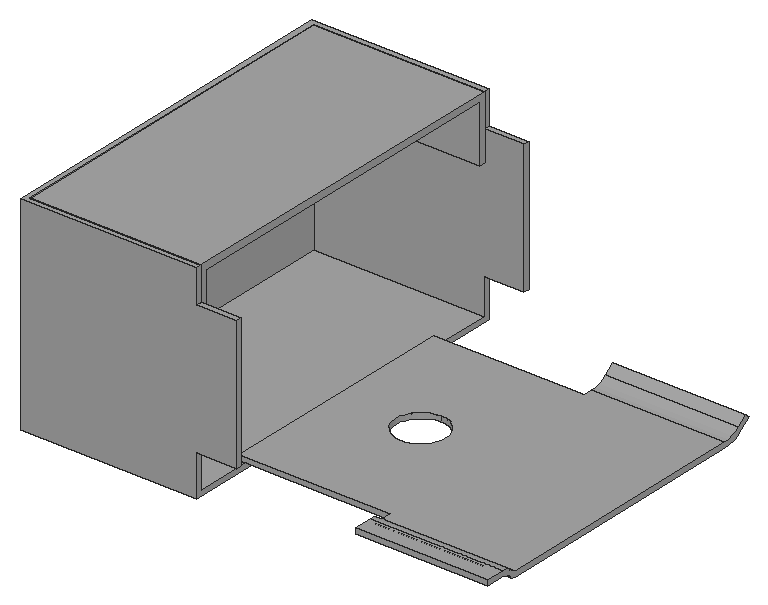
Revit family "Specialty_Equipment-Metal_Raceway-Hubbell_Wiring-Entrance_End_Fitting-HBL3010AE", category Specialty Equipment, host Face, Revit 2015
Parameters (values of type "HBL3010AEGY")
  URL = "http://www.hubbell-wiring.com/"
  Product data url = "https://bimobject.com/hubbellwiring/product/hubbell-metal-raceway-hbl3000"
  Product Page URL = "http://ecatalog.hubbell-wiring.com/ProductInformation/ViewCatalog.aspx?Dest=hubbell-wiring.com/press/catalog/r.pdf"
  Product Documentation Link = "http://www.hubbell-wiring.com/press/pdfs/h5233r08.pdf"
  Model = "HBL3010AEGY"
  Manufacturer = "Hubbell Wiring Device Kellems"  # constant formula
  Host Note = "Add in Section View; Host to Wall"  # constant formula
  Description = "Entrance End Fitting"  # constant formula
  Default Elevation = 48.00"
  Cable Tray Material = Metal-Hubbell-Gray
  B = 3.42"
  Assembly Code = "D5090900"
  A = 2.75"
Types (3): name | Model | Cable Tray Material
  (no name) | "HBL3010AEIV" | Metal-Hubbell-Ivory
  HBL3010AEIV | "HBL3010AEIV" | Metal-Hubbell-Ivory
  HBL3010AEGY | "HBL3010AEGY" | Metal-Hubbell-Gray
Reference planes (in)
  plane 1 "Center (Front/Back)": y = 0
  plane 2: z = 0
  plane 3 "Center (Left/Right)": x = 0
  plane 4: y = 1.375
  plane 5: y = -1.375
  plane 6: y = 1.335
  plane 7: y = -1.335
  plane 8: x = 0.04
  plane 9: x = 1.63
  plane 10: z = 1.51
  plane 11: y = -1.293
  plane 12: y = 1.293
  plane 13: z = 1.077
  plane 14: y = 0.91732
  plane 15: y = -0.91732
  plane 16: x = 1.92
  plane 17: z = 1.56
  plane 18: x = 1.33
  plane 19: x = 1.63
  plane 20: z = 1.31
  plane 21: z = 0.312
  plane 22: z = 0.04
  plane 23: x = 3.42
  plane 24: x = 2.42
  plane 25: x = 1.67
  plane 26: x = 2.17
  plane 27: x = 1.28
Forms (in)
  Extrusion 1, solid, material "Metal-Hubbell-Gray" <- "Cable Tray Material"
    sketch origin (1.33, 0, 0) x (0, 0, 1) y (-1, 0, 0)
      loop
        line (0, 0) -> (0.04, 0) -> (0.04, 1.29) -> (1.56, 1.29) -> (1.56, 1.33) -> (0, 1.33) -> (0, 0)
    from -1.335 to 1.335
  Extrusion 2, solid, material "Metal-Hubbell-Gray" <- "Cable Tray Material"
    sketch origin (1.33, 0, 0) x (0, 0, 1) y (-1, 0, 0)
      loop
        line (1.56, 1.33) -> (0, 1.33) -> (0, 0) -> (0.312, 0) -> (0.312, -0.3) -> (1.31, -0.3) -> (1.31, 0) -> (1.56, 0) -> (1.56, 1.33)
    from -1.375 to -1.335
  Extrusion 3, solid, material "Metal-Hubbell-Gray" <- "Cable Tray Material"
    sketch origin (1.33, 0, 0) x (0, 0, 1) y (1, 0, 0)
      loop
        line (1.56, -1.33) -> (1.56, 0) -> (1.31, 0) -> (1.31, 0.3) -> (0.312, 0.3) -> (0.312, 0) -> (0, 0) -> (0, -1.33) -> (1.56, -1.33)
    from -1.375 to -1.335
  Extrusion 4, solid, material "Metal-Hubbell-Gray" <- "Cable Tray Material"
    sketch origin (1.33, 0, 0) x (0, 0, 1) y (0, 1, 0)
      loop
        line (1.077, 1.293) -> (1.51, 1.293) -> (1.51, -1.293) -> (1.077, -1.293) -> (1.077, -1.335) -> (1.56, -1.335) -> (1.56, 1.335) -> (1.077, 1.335) -> (1.077, 1.293)
    from 0 to 1.29
  Extrusion 5, solid, material "Metal-Hubbell-Gray" <- "Cable Tray Material"
    sketch origin (0, 52.62749, 0.04) x (0, 1, 0) y (-1, 0, 0)
      loop
        line (-53.54482, -3.42) -> (-51.71017, -3.42) -> (-51.71017, -1.28) -> (-53.54482, -1.28) -> (-53.54482, -3.42)
    from 0 to 0.04
  Extrusion 6, solid, material "Metal-Hubbell-Gray" <- "Cable Tray Material"
    sketch origin (1.33, 0, 0) x (0, 0, 1) y (0, 1, 0)
      loop
        line (0.09, -1.24307) -> (0.13, -1.24307) -> (0.13, -1.09711)
        spline (0.13, -1.09711) -> (0.12833, -1.07873) -> (0.12358, -1.06205) -> (0.11669, -1.04782) -> (0.10899, -1.03634) -> (0.10157, -1.02719) -> (0.09513, -1.0198) -> (0.08999, -1.01372) -> (0.08621, -1.00864) -> (0.0836, -1.00419) -> (0.08178, -0.99977) -> (0.08053, -0.99433) -> (0.08, -0.98675)
        line (0.08, -0.98675) -> (0.08, -0.91732) -> (0.04, -0.91732) -> (0.04, -0.98675)
        spline (0.04, -0.98675) -> (0.04098, -1.00034) -> (0.0437, -1.012) -> (0.04781, -1.02207) -> (0.05296, -1.03088) -> (0.05881, -1.03878) -> (0.065, -1.04611) -> (0.07119, -1.05321) -> (0.07704, -1.06041) -> (0.08219, -1.06807) -> (0.0863, -1.07651) -> (0.08902, -1.08607) -> (0.09, -1.09711)
        line (0.09, -1.09711) -> (0.09, -1.24307)
      loop
        line (0.04, 0.98675) -> (0.04, 0.88879) -> (0.08, 0.88879) -> (0.08, 0.98675)
        arc (0.08, 0.98675) -> (0.09206, 1.05515) -> (0.12679, 1.11531) r 0.2
        line (0.12679, 1.11531) -> (0.18258, 1.1818) -> (0.15194, 1.20751) -> (0.09615, 1.14102)
        arc (0.09615, 1.14102) -> (0.05447, 1.06883) -> (0.04, 0.98675) r 0.24
    from -2.09 to -1.09
  Extrusion 7, void, detail levels medium+fine
    sketch origin (1.33, 0, 0) x (0, 1, 0) y (-1, 0, 0)
      loop
        circle (0, -0.59) r 0.19
    from 0.04 to 0.08
Cuts and joins
  Extrusion 7 cuts Extrusion 5
  joined: Extrusion 1, Extrusion 2, Extrusion 3, Extrusion 5, Extrusion 6
Lines and regions (in)
  reference lines
    curve 1: arc (0, 1.14102, 0.09615) -> (0, 1.06883, 0.05447) -> (0, 0.98675, 0.04) r 0.24
    curve 2: line (0, 1.14102, 0.09615) -> (0, 1.32361, 0.24936)
    curve 3: line (0, 1.32361, 0.24936) -> (0, 1.29789, 0.28)
    curve 4: line (0, 1.29789, 0.28) -> (0, 1.11531, 0.12679)
    curve 5: arc (0, 0.98675, 0.08) -> (0, 1.05515, 0.09206) -> (0, 1.11531, 0.12679) r 0.2
    curve 6: line (0, 0.91732, 0.04) -> (0, 0.91732, 0.08)
    curve 7: line (0, 0.91732, 0.08) -> (0, 0.98675, 0.08)
    curve 8: line (0, 1.26838, 0.35058) -> (0, 1.24267, 0.38123)
    curve 9: line (0, 0.97792, 0.06012) -> (0, 1.26838, 0.35058)
    curve 10: line (0, 1.24267, 0.38123) -> (0, 0.95315, 0.09172)
    curve 11: arc (0, 0.97792, 0.06012) -> (0, 0.95324, 0.0452) -> (0, 0.92487, 0.04) r 0.08
    curve 12: arc (0, 0.92487, 0.08) -> (0, 0.94017, 0.08304) -> (0, 0.95315, 0.09172) r 0.04
    curve 13: line (0, 0.88879, 0.08) -> (0, 0.88879, 0.04)
    curve 14: arc (1.92, -0.19, 0) -> (2.11, 0, 0) -> (1.92, 0.19, 0) r 0.19
    curve 15: arc (1.92, 0.19, 0) -> (1.73, 0, 0) -> (1.92, -0.19, 0) r 0.19
    curve 16: line (0, -1.09711, 0.13) -> (0, -1.30811, 0.13)
    curve 17: line (0, -1.30811, 0.13) -> (0, -1.30811, 0.09)
    curve 18: line (0, -1.30811, 0.09) -> (0, -1.09711, 0.09)
    curve 19: line (0, -0.98675, 0.08) -> (0, -0.91732, 0.08)
    curve 20: line (0, -0.98675, 0.04) -> (0, 0.98675, 0.04)
    curve 21: line (0, -0.91732, 0.08) -> (0, -0.91732, 0.04)
    curve 22: line (0, -1.09711, 0.13) -> (0, -0.98675, 0.08)
    curve 23: line (0, -0.98675, 0.04) -> (0, -1.09711, 0.09)
    curve 28: circle (0.66536, 0, 0.69238) r 0.43774 normal (0, -1, 0)
    curve 29: circle (0.66536, 0, 0.69238) r 0.44775 normal (0, 1, 0)
    curve 34: circle (0, 0, 0.69238) r 0.44775 normal (-1, 0, 0)
    curve 35: circle (0, 0, 0.69238) r 0.43774 normal (1, 0, 0)
  model lines, detail levels medium+fine
    curve 24: circle (0.66536, 1.375, 0.69238) r 0.44775 normal (0, 1, 0)
    curve 25: circle (0.66536, 1.375, 0.69238) r 0.43774 normal (0, -1, 0)
    curve 26: circle (0.66536, -1.375, 0.69238) r 0.43774 normal (0, 1, 0)
    curve 27: circle (0.66536, -1.375, 0.69238) r 0.44775 normal (0, -1, 0)
    curve 30: circle (0, 0, 0.69238) r 0.44775 normal (-1, 0, 0)
    curve 31: circle (0, 0, 0.69238) r 0.43774 normal (1, 0, 0)
    curve 32: circle (0.04, 0, 0.69238) r 0.43774 normal (-1, 0, 0)
    curve 33: circle (0.04, 0, 0.69238) r 0.44775 normal (1, 0, 0)
  symbolic lines, style "Symbolic lines"
    curve 36: line (0, 1.375, 1.56) -> (0, -1.375, 1.56)
    curve 37: line (0, 1.375, 0) -> (0, 1.375, 1.56)
    curve 38: line (0, -1.375, 0) -> (0, 1.375, 0)
    curve 39: line (0, -1.375, 1.56) -> (0, -1.375, 0)
    curve 40: line (0, 0, 1.56) -> (0, 0, 0)
    curve 41: line (1.33, 0, 1.56) -> (0, 0, 1.56)
    curve 42: line (1.33, 0, 1.31) -> (1.33, 0, 1.56)
    curve 43: line (1.63, 0, 1.31) -> (1.33, 0, 1.31)
    curve 44: line (1.63, 0, 0.312) -> (1.63, 0, 1.31)
    curve 45: line (1.33, 0, 0.312) -> (1.63, 0, 0.312)
    curve 46: line (0, 0, 0) -> (1.33, 0, 0)
    curve 47: line (1.33, 0, 0) -> (1.33, 0, 0.312)
    curve 48: line (1.33, 0, 0.04) -> (3.42, 0, 0.04)
    curve 49: line (3.42, 0, 0.04) -> (3.42, 0, 0.18258)
    curve 50: line (3.42, 0, 0.18258) -> (2.42, 0, 0.18258)
    curve 51: line (2.42, 0, 0.18258) -> (2.42, 0, 0.08)
    curve 52: line (2.42, 0, 0.08) -> (2.17, 0, 0.08)
    curve 53: line (2.17, 0, 0.08) -> (2.17, 0, 0.2575)
    curve 54: line (2.17, 0, 0.2575) -> (1.67, 0, 0.2575)
    curve 55: line (1.67, 0, 0.2575) -> (1.67, 0, 0.08)
    curve 56: line (1.67, 0, 0.08) -> (1.33, 0, 0.08)
    curve 57: line (0, 1.375, 0) -> (1.33, 1.375, 0)
    curve 58: line (0, -1.375, 0) -> (0, 1.375, 0)
    curve 59: line (1.33, -1.375, 0) -> (0, -1.375, 0)
    curve 60: line (1.33, 1.375, 0) -> (1.33, -1.375, 0)
    curve 61: line (2.42, 0.91732, 0) -> (2.17, 0.91732, 0)
    curve 62: line (1.67, 1.14465, 0) -> (1.67, 0.91732, 0)
    curve 63: line (2.17, 0.91732, 0) -> (2.17, 1.14465, 0)
    curve 64: line (2.17, 1.14465, 0) -> (1.67, 1.14465, 0)
    curve 65: line (2.42, 1.20751, 0) -> (2.42, 0.91732, 0)
    curve 66: line (3.42, 1.20751, 0) -> (2.42, 1.20751, 0)
    curve 67: line (3.42, -1.24307, 0) -> (3.42, 1.20751, 0)
    curve 68: line (2.42, -1.24307, 0) -> (3.42, -1.24307, 0)
    curve 69: line (1.33, -0.91732, 0) -> (2.42, -0.91732, 0)
    curve 70: line (2.42, -0.91732, 0) -> (2.42, -1.24307, 0)
    curve 71: line (1.67, 0.91732, 0) -> (1.33, 0.91732, 0)
Dimensions and locks (in)
  "A": plane 4 to plane 5
  locked: plane 5 to plane 7 at 0.04
  locked: plane 4 to plane 6 at 0.04
  locked: plane 8 to plane 3 "Center (Left/Right)" at 0.04
  plane 17 to plane 2 = 1.56"
  equal spacing: plane 4, plane 1 "Center (Front/Back)", plane 5
  locked: plane 22 to plane 2 at 0.04
  locked: plane 18 to plane 3 "Center (Left/Right)" at 1.33
  locked: plane 19 to plane 3 "Center (Left/Right)" at 1.63
  locked: plane 17 to plane 20 at 0.25
  locked: plane 21 to plane 2 at 0.312
  locked: plane 23 to plane 3 "Center (Left/Right)" at 3.42
  locked: plane 24 to plane 23 at 1
  locked: plane 25 to plane 3 "Center (Left/Right)" at 1.67
  locked: plane 25 to plane 26 at 0.5
  locked: plane 17 to plane 13 at 0.483
  locked: plane 4 to plane 14 at 0.45768
  locked: plane 5 to plane 15 at 0.45768
  locked: plane 27 to plane 18 at 0.05
  "B": plane 3 "Center (Left/Right)" to plane 23
  aligned and locked: plane 2 to host face
  aligned and locked: level to host face
  aligned and locked: Extrusion 3 sketch curve to plane 3 "Center (Left/Right)"
  aligned and locked: Extrusion 3 sketch curve to plane 17
  aligned and locked: plane 18 to Extrusion 3 sketch curve
  aligned and locked: Extrusion 3 sketch curve to plane 9
  aligned and locked: Extrusion 3 sketch curve to plane 18
  aligned and locked: Extrusion 3 sketch curve to plane 2
  aligned and locked: Extrusion 2 sketch curve to plane 17
  aligned and locked: plane 18 to Extrusion 2 sketch curve
  aligned and locked: Extrusion 2 sketch curve to plane 18
  aligned and locked: Extrusion 2 sketch curve to plane 2
  aligned and locked: Extrusion 2 sketch curve to plane 3 "Center (Left/Right)"
  aligned and locked: plane 17 to Extrusion 1 sketch curve
  aligned and locked: Extrusion 1 sketch curve to plane 8
  aligned and locked: Extrusion 1 sketch curve to plane 3 "Center (Left/Right)"
  aligned and locked: plane 2 to Extrusion 1 sketch curve
  aligned and locked: Extrusion 1 sketch curve to plane 18
  aligned and locked: Extrusion 1 sketch curve to plane 22
  aligned and locked: plane 24 to Extrusion 6
  aligned and locked: Extrusion 6 to plane 23
  aligned and locked: Extrusion 4 sketch curve to plane 10
  aligned and locked: Extrusion 4 sketch curve to plane 6
  aligned and locked: Extrusion 4 sketch curve to plane 12
  aligned and locked: plane 13 to Extrusion 4 sketch curve  (x2)
  aligned and locked: plane 11 to Extrusion 4 sketch curve
  aligned and locked: plane 7 to Extrusion 4 sketch curve
  aligned and locked: plane 17 to Extrusion 4 sketch curve
  aligned and locked: Extrusion 3 sketch curve to plane 21
  aligned and locked: Extrusion 3 sketch curve to plane 20
  aligned and locked: Extrusion 2 sketch curve to plane 20
  aligned and locked: Extrusion 2 sketch curve to plane 21
  aligned and locked: Extrusion 2 sketch curve to plane 19
  aligned and locked: Extrusion 5 sketch curve to plane 14
  aligned and locked: Extrusion 5 sketch curve to plane 15
  aligned and locked: Extrusion 5 sketch curve to plane 23
  aligned and locked: Extrusion 5 sketch curve to plane 27
  aligned and locked: Extrusion 5 to Extrusion 7
  aligned and locked: Extrusion 7 to Extrusion 1
  aligned and locked: curve 1 to cut or joined group of Extrusion 1, Extrusion 2, Extrusion 3, Extrusion 5, Extrusion 6, Extrusion 7
  aligned and locked: curve 2 to cut or joined group of Extrusion 1, Extrusion 2, Extrusion 3, Extrusion 5, Extrusion 6, Extrusion 7
  aligned and locked: curve 4 to cut or joined group of Extrusion 1, Extrusion 2, Extrusion 3, Extrusion 5, Extrusion 6, Extrusion 7
  aligned and locked: curve 5 to cut or joined group of Extrusion 1, Extrusion 2, Extrusion 3, Extrusion 5, Extrusion 6, Extrusion 7
  aligned and locked: curve 6 to cut or joined group of Extrusion 1, Extrusion 2, Extrusion 3, Extrusion 5, Extrusion 6, Extrusion 7
  aligned and locked: curve 7 to cut or joined group of Extrusion 1, Extrusion 2, Extrusion 3, Extrusion 5, Extrusion 6, Extrusion 7
  aligned and locked: Extrusion 6 to Extrusion 5
  aligned and locked: Extrusion 6 to curve 13
  aligned and locked: curve 14 to cut or joined group of Extrusion 1, Extrusion 2, Extrusion 3, Extrusion 5, Extrusion 6, Extrusion 7
  aligned and locked: curve 15 to cut or joined group of Extrusion 1, Extrusion 2, Extrusion 3, Extrusion 5, Extrusion 6, Extrusion 7
  aligned and locked: curve 16 to cut or joined group of Extrusion 1, Extrusion 2, Extrusion 3, Extrusion 5, Extrusion 6, Extrusion 7
  aligned and locked: curve 18 to cut or joined group of Extrusion 1, Extrusion 2, Extrusion 3, Extrusion 5, Extrusion 6, Extrusion 7
  aligned and locked: curve 19 to cut or joined group of Extrusion 1, Extrusion 2, Extrusion 3, Extrusion 5, Extrusion 6, Extrusion 7
  aligned and locked: curve 20 to cut or joined group of Extrusion 1, Extrusion 2, Extrusion 3, Extrusion 5, Extrusion 6, Extrusion 7
  aligned and locked: curve 21 to cut or joined group of Extrusion 1, Extrusion 2, Extrusion 3, Extrusion 5, Extrusion 6, Extrusion 7
  aligned and locked: cut or joined group of Extrusion 1, Extrusion 2, Extrusion 3, Extrusion 5, Extrusion 6, Extrusion 7 to cut or joined group of Extrusion 1, Extrusion 2, Extrusion 3, Extrusion 5, Extrusion 6, Extrusion 7  (x2)
  aligned and locked: curve 28 to curve 25
  aligned and locked: curve 29 to curve 24
  aligned and locked: curve 26 to curve 28
  aligned and locked: curve 27 to curve 29
  aligned and locked: curve 34 to curve 30
  aligned and locked: curve 35 to curve 31
  aligned and locked: curve 32 to curve 35
  aligned and locked: curve 33 to curve 34
  aligned and locked: curve 36 to cut or joined group of Extrusion 1, Extrusion 2, Extrusion 3, Extrusion 5, Extrusion 6, Extrusion 7
  aligned and locked: curve 37 to cut or joined group of Extrusion 1, Extrusion 2, Extrusion 3, Extrusion 5, Extrusion 6, Extrusion 7
  aligned and locked: curve 38 to cut or joined group of Extrusion 1, Extrusion 2, Extrusion 3, Extrusion 5, Extrusion 6, Extrusion 7
  aligned and locked: curve 39 to cut or joined group of Extrusion 1, Extrusion 2, Extrusion 3, Extrusion 5, Extrusion 6, Extrusion 7
  aligned and locked: curve 40 to cut or joined group of Extrusion 1, Extrusion 2, Extrusion 3, Extrusion 5, Extrusion 6, Extrusion 7
  aligned and locked: curve 41 to cut or joined group of Extrusion 1, Extrusion 2, Extrusion 3, Extrusion 5, Extrusion 6, Extrusion 7
  aligned and locked: curve 42 to cut or joined group of Extrusion 1, Extrusion 2, Extrusion 3, Extrusion 5, Extrusion 6, Extrusion 7
  aligned and locked: curve 43 to cut or joined group of Extrusion 1, Extrusion 2, Extrusion 3, Extrusion 5, Extrusion 6, Extrusion 7
  aligned and locked: curve 44 to cut or joined group of Extrusion 1, Extrusion 2, Extrusion 3, Extrusion 5, Extrusion 6, Extrusion 7
  aligned and locked: curve 45 to cut or joined group of Extrusion 1, Extrusion 2, Extrusion 3, Extrusion 5, Extrusion 6, Extrusion 7
  aligned and locked: curve 46 to cut or joined group of Extrusion 1, Extrusion 2, Extrusion 3, Extrusion 5, Extrusion 6, Extrusion 7
  aligned and locked: curve 47 to cut or joined group of Extrusion 1, Extrusion 2, Extrusion 3, Extrusion 5, Extrusion 6, Extrusion 7
  aligned and locked: curve 48 to plane 22
  aligned and locked: curve 49 to cut or joined group of Extrusion 1, Extrusion 2, Extrusion 3, Extrusion 5, Extrusion 6, Extrusion 7
  aligned and locked: cut or joined group of Extrusion 1, Extrusion 2, Extrusion 3, Extrusion 5, Extrusion 6, Extrusion 7 to curve 52
  aligned and locked: cut or joined group of Extrusion 1, Extrusion 2, Extrusion 3, Extrusion 5, Extrusion 6, Extrusion 7 to curve 56
  aligned and locked: curve 57 to cut or joined group of Extrusion 1, Extrusion 2, Extrusion 3, Extrusion 5, Extrusion 6, Extrusion 7
  aligned and locked: curve 58 to cut or joined group of Extrusion 1, Extrusion 2, Extrusion 3, Extrusion 5, Extrusion 6, Extrusion 7
  aligned and locked: curve 59 to cut or joined group of Extrusion 1, Extrusion 2, Extrusion 3, Extrusion 5, Extrusion 6, Extrusion 7
  aligned and locked: curve 60 to cut or joined group of Extrusion 1, Extrusion 2, Extrusion 3, Extrusion 5, Extrusion 6, Extrusion 7
  aligned and locked: curve 61 to cut or joined group of Extrusion 1, Extrusion 2, Extrusion 3, Extrusion 5, Extrusion 6, Extrusion 7
  aligned and locked: curve 67 to cut or joined group of Extrusion 1, Extrusion 2, Extrusion 3, Extrusion 5, Extrusion 6, Extrusion 7
  aligned and locked: cut or joined group of Extrusion 1, Extrusion 2, Extrusion 3, Extrusion 5, Extrusion 6, Extrusion 7 to curve 69
  aligned and locked: plane 4 to cut or joined group of Extrusion 1, Extrusion 2, Extrusion 3, Extrusion 5, Extrusion 6, Extrusion 7
  aligned and locked: plane 5 to cut or joined group of Extrusion 1, Extrusion 2, Extrusion 3, Extrusion 5, Extrusion 6, Extrusion 7
  aligned and locked: cut or joined group of Extrusion 1, Extrusion 2, Extrusion 3, Extrusion 5, Extrusion 6, Extrusion 7 to plane 7
  aligned and locked: cut or joined group of Extrusion 1, Extrusion 2, Extrusion 3, Extrusion 5, Extrusion 6, Extrusion 7 to plane 6
  aligned and locked: Extrusion 1 to Extrusion 6
Automatic sketch dimensions
  host sketch curve to host sketch curve = 96.00"  (x2)
  plane 1 "Center (Front/Back)" to Extrusion 7 sketch curve = 0.00"
  Extrusion 7 sketch curve to plane 16 = 0.00"
  curve 14 to curve 15 = 0.00"  (x2)
  plane 1 "Center (Front/Back)" to curve 15 = 0.00"
  curve 14 to plane 25 = 0.25"
  plane 1 "Center (Front/Back)" to curve 15 = 0.19"
  Extrusion 6 sketch curve to Extrusion 6 sketch curve = 0.00"  (x4)
  Extrusion 6 sketch curve to plane 22 = 0.00"  (x2)
  Extrusion 6 sketch curve to Extrusion 6 sketch curve = 0.04"  (x3)
  plane 22 to Extrusion 6 sketch curve = 0.05"
  plane 22 to Extrusion 6 sketch curve = 0.05615"
  Extrusion 6 sketch curve to Extrusion 6 sketch curve = 0.03064"  (x2)
  Extrusion 6 sketch curve to plane 6 = 0.12749"
  Extrusion 6 sketch curve to plane 21 = 0.16006"
  Extrusion 6 sketch curve to plane 21 = 0.032"
  Extrusion 6 sketch curve to Extrusion 6 sketch curve = 0.09796"
  Extrusion 6 sketch curve to plane 7 = 0.41768"
  Extrusion 6 sketch curve to Extrusion 6 sketch curve = 0.06943"
  Extrusion 6 sketch curve to Extrusion 6 sketch curve = 0.11036"
  Extrusion 6 sketch curve to plane 7 = 0.09193"
  curve 1 to curve 5 = 0.00"  (x2)
  curve 11 to curve 12 = 0.00"  (x2)
  curve 20 to plane 22 = 0.00"
  curve 34 to plane 1 "Center (Front/Back)" = 0.00"
  plane 22 to curve 21 = 0.04"
  curve 21 to plane 7 = 0.41768"
  curve 22 to curve 19 = 0.06943"
  curve 23 to curve 19 = 0.00"
  plane 22 to curve 22 = 0.09"
  curve 22 to curve 19 = 0.11036"
  plane 22 to curve 23 = 0.05"
  curve 23 to curve 16 = 0.00"
  curve 18 to plane 7 = 0.02689"
  plane 22 to curve 13 = 0.04"
  curve 13 to plane 6 = 0.44621"
  curve 13 to curve 6 = 0.02853"
  curve 6 to curve 12 = 0.00754"
  plane 22 to curve 10 = 0.05172"
  curve 12 to curve 10 = 0.02828"
  plane 22 to curve 11 = 0.02012"
  curve 12 to curve 11 = 0.02477"
  curve 1 to plane 21 = 0.032"
  curve 11 to curve 1 = 0.06188"
  plane 22 to curve 4 = 0.08679"
  curve 5 to curve 1 = 0.02571"
  curve 10 to plane 6 = 0.09233"
  curve 8 to curve 9 = 0.02572"
  curve 3 to plane 6 = 0.03711"
  curve 2 to plane 6 = 0.01139"
  plane 21 to curve 9 = 0.03858"
  curve 8 to curve 8 = 0.03065"
  plane 21 to curve 34 = 0.38038"
  curve 71 to curve 61 = 0.00"
  curve 70 to plane 24 = 0.00"
  curve 66 to plane 24 = 0.00"
  curve 68 to plane 7 = 0.09193"
  curve 66 to plane 6 = 0.12749"
  plane 24 to curve 52 = 0.00"
  curve 51 to curve 51 = 0.10258"
  curve 62 to plane 25 = 0.00"
  curve 61 to plane 26 = 0.00"
  curve 63 to plane 6 = 0.19035"
  plane 25 to curve 56 = 0.00"
  plane 26 to curve 53 = 0.00"
  curve 54 to plane 21 = 0.0545"
  radius of Extrusion 7 sketch curve = 0.19"
  radius of curve 34 = 0.44775"
